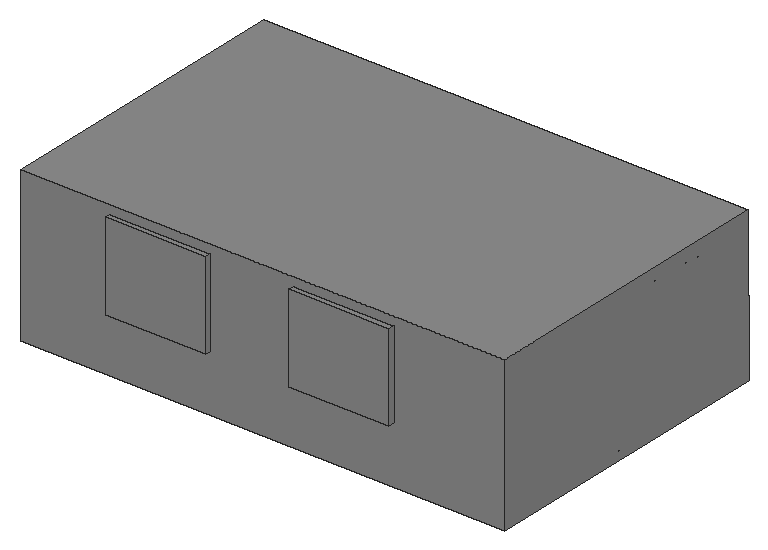
Revit family
Parameters (values of type "40RUS25")
  Width = 2' - 4 3/16"
  Voltage = 0 V
  Version = 1
  Unit Material = Paint - Carrier - American Sterling Gray
  UV-C Germicidal Lamp [instance] = no
  URL = "www.carrier.com"
  Type Comments = "20 Tons Chilled Water Coil Packed Air-Handling Unit"
  Return Air Intake Length = 6' - 10 3/4"
  Duct Width = 1' - 4 1/16"
  Duct Length = 1' - 6 3/8"
  Duct Height = 0' - 1"
  TXV Bulb Connection Size = 7/8"
  TXV Bulb Connection Radius = TXV Bulb Connection Size / 2  # 0' - 0 7/16"
  Suction Connection Size = 1 3/8"
  Suction Connection Radius = Suction Connection Size / 2  # 0' - 0 11/16"
  Subbase [instance] = no
  Steam Heating Coil [instance] = no
  Right Clearance = 2' - 6"
  Return Air Grille [instance] = no
  Programmable Thermostats [instance] = no
  Prepainted Units [instance] = no
  Overhead Suspension Package [instance] = no
  Model = "40RUS25"
  Manufacturer = "Carrier"  # constant formula
  MOCP = 0 A
  MCA = 0 A
  Liquid Connection Size = 1 3/8"
  Liquid Connection Radius = Liquid Connection Size / 2  # 0' - 0 11/16"
  Length = 7' - 5"
  Left Clearance = 2' - 6"
  Hot Water Heating Coils [instance] = no
  Height = 4' - 8 1/16"
  Bottom Return Air Intake Depth = 1' - 6 1/2"
  Bottom Clearance = 2' - 6"
  Fan Radius = 1' - 0"
  Electric Heat [instance] = no
  Economizer [instance] = no
  Drain Connection Size = 1 1/4"
  Drain Connection Radius = Drain Connection Size / 2  # 0' - 0 5/8"
  Disclaimer = "Manufacturer reserves the right to change, at any time, specifications and designs without notice and without obligation.  Please verify critical parameters with local Carrier commercial sales office."  # constant formula
  Discharge Plenum [instance] = no
  Condensate Drain Trap [instance] = no
  CO2 Sensors [instance] = no
  CFM Per Duct [instance] = 0 CFM
  CFM (nominal) = 0 CFM
  Top Clearance = 0' - 3"
  Back Return Air Intake Height = 1' - 5 1/4"
  Assembly Code = "D3050200"
  Alternate Fan Motors [instance] = no
  Alternate Drives [instance] = no
Types (7): name | Type Comments | Duct Width | Duct Length | Suction Connection Size | Suction Connection Radius | Model | Liquid Connection Size | Liquid Connection Radius
  (no name) | "20 Tons Chilled Water Coil Packed Air-Handling Unit" | 1' - 4 1/16" | 1' - 6 3/8" | 1 3/8" | 0' - 0 11/16" | "40RUS25" | 1 3/8" | 0' - 0 11/16"
  40RUA14 | "12.5 Tons DX Coil Packed Air-Handling Unit" | 1' - 4" | 1' - 6" | 1 1/8" | 0' - 0 9/16" | "40RUA14" | 5/8" | 0' - 0 5/16"
  40RUA16 | "15 Tons  DX Coil Packed Air-Handling Unit" | 1' - 4" | 1' - 6" | 1 1/8" | 0' - 0 9/16" | "40RUA16" | 5/8" | 0' - 0 5/16"
  40RUA25 | "20 Tons DX Coil Packed Air-Handling Unit" | 1' - 4" | 1' - 6" | 1 1/8" | 0' - 0 9/16" | "40RUA25" | 5/8" | 0' - 0 5/16"
  40RUS14 | "12.5 Tons Chilled Water Coil Packed Air-Handling Unit" | 1' - 4" | 1' - 6" | 1 3/8" | 0' - 0 11/16" | "40RUS14" | 1 3/8" | 0' - 0 11/16"
  40RUS25 | "20 Tons Chilled Water Coil Packed Air-Handling Unit" | 1' - 4 1/16" | 1' - 6 3/8" | 1 3/8" | 0' - 0 11/16" | "40RUS25" | 1 3/8" | 0' - 0 11/16"
  40RUS16 | "15 Tons Chilled Water Coil Packed Air-Handling Unit" | 1' - 4" | 1' - 6" | 1 3/8" | 0' - 0 11/16" | "40RUS16" | 1 3/8" | 0' - 0 11/16"
Reference planes (in)
  plane 1 "Center (Front/Back)": y = 0
  plane 2: z = 0
  plane 3 "Center (Left/Right)": x = 0
  plane 4 "Top Face of Unit": z = 28.1875
  plane 5 "Front Face of Unit": z = 0
  plane 6 "Left Face of Unit": x = -44.5
  plane 7 "Right Face of Unit": x = 44.5
  plane 8 "Top/Back Clearance Line": z = 31.1875
  plane 9 "Left Clearance Line": x = -74.5
  plane 10 "Right Clearance Line": x = 74.5
  plane 11 "Bottom/Front Clearance Line": z = -30
  plane 12 "Front Side of Unit": y = -28.03125
  plane 13 "Bottom of Unit": z = 0
  plane 14 "Left Duct Left Edge": x = -28
  plane 15 "Right Duct Right Edge": x = -9.625
  plane 16 "Duct Back Edge": z = 26.5625
  plane 17 "Duct Front Edge": z = 10.5
  plane 18 "Duct Face": y = -29.03125
  plane 19 "Side Connections Centerline": z = 26.1875
  plane 20 "Lower Suction Connection Centerline": y = 16.96875
  plane 21 "Lower Liquid Connection Centerline": y = 13.96875
  plane 22 "Upper Liquid Connection Centerline": y = 11.96875
  plane 23 "Upper Suction Connection Centerline": y = 8.96875
  plane 24 "TXV Bulb Connection": y = 6.84375
  plane 25 "Top Power Entry Centerline": y = -16.40625
  plane 26 "Lower Power Entry Centerline": y = -14.90625
  plane 27 "Drain Connection Centerline": y = 26.90625
  plane 28 "Drain Centerline - Horizontal": z = 24.4375
  plane 29 "Front Drain Centerline Vertical": z = 2
  plane 30 "Front Drain Centerline Horizontal": y = -1.03125
  plane 31 "Back Face of Unit": y = 28.03125
  plane 32: x = 5.75
  plane 33: x = 24.125
  plane 34 "Left Edge of Intake": x = -41.375
  plane 35 "Right Edge of Intake": x = 41.375
  plane 36 "Back Edge of Intake": y = 21.28125
  plane 37 "Front Edge of Intake": y = 2.78125
  plane 38 "Top Edge of Intake": z = 20.9375
  plane 39 "Bottom Edge of Intake": z = 3.6875
Forms (in)
  Extrusion 1, solid, material "Paint - Carrier - American Sterling Gray" <- "Unit Material"
    sketch origin (0, 28.03125, 14.09375) x (1, 0, 0) y (0, 0, 1)
      loop
        line (-44.5, -14.09375) -> (44.5, -14.09375) -> (44.5, 14.09375) -> (-44.5, 14.09375) -> (-44.5, -14.09375)
    from 0 to 56.0625
  Extrusion 2, solid, material "Paint - Carrier - American Sterling Gray" <- "Unit Material", detail levels medium+fine
    sketch origin (0, -28.03125, 0) x (-1, 0, 0) y (0, 0, -1)
      loop
        line (28, -10.5) -> (9.625, -10.5) -> (9.625, -26.5625) -> (28, -26.5625) -> (28, -10.5)
    from 0 to 1
  Extrusion 3, solid, material "Paint - Carrier - American Sterling Gray" <- "Unit Material", detail levels fine
    sketch origin (44.5, 28.03125, 14.09375) x (0, 0, 1) y (0, -1, 0)
      loop
        circle (12.09375, 44.4375) r 0.4375
    from 0 to -0.5
  Extrusion 4, solid, material "Paint - Carrier - American Sterling Gray" <- "Unit Material", detail levels fine
    sketch origin (44.5, 28.03125, 14.09375) x (0, 0, 1) y (0, -1, 0)
      loop
        circle (12.09375, 42.9375) r 0.4375
    from 0 to -0.5
  Extrusion 5, solid, material "Paint - Carrier - American Sterling Gray" <- "Unit Material", detail levels fine
    sketch origin (44.5, 28.03125, 14.09375) x (0, 0, 1) y (0, -1, 0)
      loop
        circle (12.09375, 21.1875) r 0.4375
    from 0 to -0.5
  Extrusion 6, solid, material "Paint - Carrier - American Sterling Gray" <- "Unit Material", detail levels fine
    sketch origin (44.5, 28.03125, 14.09375) x (0, 0, 1) y (0, -1, 0)
      loop
        circle (12.09375, 19.0625) r 0.875
    from 0 to -0.5
  Extrusion 7, solid, material "Paint - Carrier - American Sterling Gray" <- "Unit Material", detail levels fine
    sketch origin (44.5, 28.03125, 14.09375) x (0, 0, 1) y (0, -1, 0)
      loop
        circle (12.09375, 16.0625) r 0.5625
    from 0 to -0.5
  Extrusion 8, solid, material "Paint - Carrier - American Sterling Gray" <- "Unit Material", detail levels fine
    sketch origin (44.5, 28.03125, 14.09375) x (0, 0, 1) y (0, -1, 0)
      loop
        circle (12.09375, 14.0625) r 0.5625
    from 0 to -0.5
  Extrusion 9, solid, material "Paint - Carrier - American Sterling Gray" <- "Unit Material", detail levels fine
    sketch origin (44.5, 28.03125, 14.09375) x (0, 0, 1) y (0, -1, 0)
      loop
        circle (12.09375, 11.0625) r 0.875
    from 0 to -0.5
  Extrusion 10, solid, material "Paint - Carrier - American Sterling Gray" <- "Unit Material", detail levels fine
    sketch origin (44.5, 28.03125, 14.09375) x (0, 0, 1) y (0, -1, 0)
      loop
        circle (10.34375, 1.125) r 0.875
    from 0 to -0.5
  Extrusion 11, solid, material "Paint - Carrier - American Sterling Gray" <- "Unit Material", detail levels fine
    sketch origin (44.5, 28.03125, 14.09375) x (0, 0, 1) y (0, -1, 0)
      loop
        circle (-12.09375, 29.0625) r 0.875
    from 0 to -0.5
  Extrusion 12, solid, material "Paint - Carrier - American Sterling Gray" <- "Unit Material", detail levels medium+fine
    sketch origin (0, -28.03125, 0) x (-1, 0, 0) y (0, 0, -1)
      loop
        line (-5.75, -10.5) -> (-24.125, -10.5) -> (-24.125, -26.5625) -> (-5.75, -26.5625) -> (-5.75, -10.5)
    from 1 to 0
  Extrusion 13, solid, material "Paint - Carrier - American Sterling Gray" <- "Unit Material", detail levels medium+fine
    sketch origin (0, 0, 0) x (-1, 0, 0) y (0, -1, 0)
      loop
        line (41.375, -2.78125) -> (-41.375, -2.78125) -> (-41.375, -21.28125) -> (41.375, -21.28125) -> (41.375, -2.78125)
    from 0 to 0.5
  Extrusion 14, solid, material "Paint - Carrier - American Sterling Gray" <- "Unit Material", detail levels medium+fine
    sketch origin (0, 28.03125, 0) x (0, 0, 1) y (1, 0, 0)
      loop
        line (3.6875, -41.375) -> (20.9375, -41.375) -> (20.9375, 41.375) -> (3.6875, 41.375) -> (3.6875, -41.375)
    from 0 to -0.5
Lines and regions (in)
  symbolic lines, style "Clearance Zones", detail levels fine
    curve 1: line (-74.5, -29.03125, 0) -> (74.5, -29.03125, 0)
    curve 2: line (-74.5, 28.03125, 0) -> (-74.5, -29.03125, 0)
    curve 3: line (74.5, 28.03125, 0) -> (-74.5, 28.03125, 0)
    curve 4: line (74.5, -29.03125, 0) -> (74.5, 28.03125, 0)
  model lines, detail levels medium+fine
    curve 5: line (-42, 24.53125, 0) -> (42, 24.53125, 0)
    curve 6: line (-42, 1.25, 0) -> (-42, 24.53125, 0)
    curve 7: line (42, 1.25, 0) -> (-42, 1.25, 0)
    curve 8: line (42, 24.53125, 0) -> (42, 1.25, 0)
    curve 9: line (-42, -1.25, 0) -> (42, -1.25, 0)
    curve 10: line (-42, -25.53125, 0) -> (-42, -1.25, 0)
    curve 11: line (42, -25.53125, 0) -> (-42, -25.53125, 0)
    curve 12: line (42, -1.25, 0) -> (42, -25.53125, 0)
    curve 13: line (-44.5, 24.53125, 24.1875) -> (-44.5, 24.53125, 4)
    curve 14: line (-44.5, -25.53125, 4) -> (-44.5, -25.53125, 24.1875)
    curve 15: line (-44.5, 24.53125, 4) -> (-44.5, -25.53125, 4)
    curve 16: line (44.5, 24.53125, 4) -> (44.5, 24.53125, 24.1875)
    curve 17: line (44.5, -25.53125, 4) -> (44.5, 24.53125, 4)
    curve 18: line (44.5, -25.53125, 24.1875) -> (44.5, -25.53125, 4)
    curve 19: line (44.5, 24.53125, 24.1875) -> (44.5, -25.53125, 24.1875)
  model lines
    curve 20: line (-44.5, 24.53125, 24.1875) -> (-44.5, -25.53125, 24.1875)
Dimensions and locks (in)
  equal spacing: plane 6 "Left Face of Unit", plane 3 "Center (Left/Right)", plane 7 "Right Face of Unit"
  "Length": plane 6 "Left Face of Unit" to plane 7 "Right Face of Unit"
  "Left Clearance": plane 9 "Left Clearance Line" to plane 6 "Left Face of Unit"
  "Right Clearance": plane 7 "Right Face of Unit" to plane 10 "Right Clearance Line"
  locked: plane 6 "Left Face of Unit" to plane 14 "Left Duct Left Edge" at 16.5
  "Duct Length": plane 14 "Left Duct Left Edge" to plane 15 "Right Duct Right Edge"
  locked: curve 10 to plane 6 "Left Face of Unit" at 2.5
  locked: plane 7 "Right Face of Unit" to curve 12 at 2.5
  locked: plane 12 "Front Side of Unit" to curve 11 at 2.5
  locked: curve 11 to curve 9 at 24.28125
  locked: curve 9 to curve 7 at 2.5
  curve 15 to plane 5 "Front Face of Unit" = 0' - 4"
  plane 12 "Front Side of Unit" to curve 14 = 0' - 2 1/2"
  locked: plane 19 "Side Connections Centerline" to plane 4 "Top Face of Unit" at 2
  locked: plane 28 "Drain Centerline - Horizontal" to plane 4 "Top Face of Unit" at 3.75
  locked: plane 5 "Front Face of Unit" to plane 29 "Front Drain Centerline Vertical" at 2
  locked: curve 20 to plane 4 "Top Face of Unit" at 4
  locked: plane 31 "Back Face of Unit" to curve 13 at 3.5
  "Width": plane 4 "Top Face of Unit" to plane 13 "Bottom of Unit"
  locked: plane 27 "Drain Connection Centerline" to plane 31 "Back Face of Unit" at 1.125
  locked: plane 20 "Lower Suction Connection Centerline" to plane 31 "Back Face of Unit" at 11.0625
  locked: plane 21 "Lower Liquid Connection Centerline" to plane 31 "Back Face of Unit" at 14.0625
  locked: plane 22 "Upper Liquid Connection Centerline" to plane 31 "Back Face of Unit" at 16.0625
  locked: plane 23 "Upper Suction Connection Centerline" to plane 31 "Back Face of Unit" at 19.0625
  locked: plane 24 "TXV Bulb Connection" to plane 31 "Back Face of Unit" at 21.1875
  locked: plane 26 "Lower Power Entry Centerline" to plane 31 "Back Face of Unit" at 42.9375
  locked: plane 25 "Top Power Entry Centerline" to plane 31 "Back Face of Unit" at 44.4375
  locked: plane 30 "Front Drain Centerline Horizontal" to plane 31 "Back Face of Unit" at 29.0625
  plane 4 "Top Face of Unit" to plane 16 "Duct Back Edge" = 0' - 1 5/8"
  "Duct Width": plane 16 "Duct Back Edge" to plane 17 "Duct Front Edge"
  locked: plane 15 "Right Duct Right Edge" to plane 32 at 15.375
  "Duct Length": plane 32 to plane 33
  locked: curve 5 to plane 31 "Back Face of Unit" at 3.5
  locked: plane 6 "Left Face of Unit" to plane 34 "Left Edge of Intake" at 3.125
  "Return Air Intake Length": plane 34 "Left Edge of Intake" to plane 35 "Right Edge of Intake"
  locked: plane 31 "Back Face of Unit" to plane 36 "Back Edge of Intake" at 6.75
  "Bottom Return Air Intake Depth": plane 36 "Back Edge of Intake" to plane 37 "Front Edge of Intake"
  locked: Extrusion 13 to plane 13 "Bottom of Unit" at 0.5
  locked: plane 39 "Bottom Edge of Intake" to plane 13 "Bottom of Unit" at 3.6875
  "Back Return Air Intake Height": plane 38 "Top Edge of Intake" to plane 39 "Bottom Edge of Intake"
  locked: plane 31 "Back Face of Unit" to Extrusion 14 at 0.5
  radius of Extrusion 3 sketch curve = 0' - 0 7/16"
  radius of Extrusion 4 sketch curve = 0' - 0 7/16"
  radius of Extrusion 5 sketch curve = 0' - 0 7/16"
  radius of Extrusion 6 sketch curve = 0' - 0 7/8"
  radius of Extrusion 7 sketch curve = 0' - 0 9/16"
  radius of Extrusion 8 sketch curve = 0' - 0 9/16"
  radius of Extrusion 9 sketch curve = 0' - 0 7/8"
  radius of Extrusion 10 sketch curve = 0' - 0 7/8"
  radius of Extrusion 11 sketch curve = 0' - 0 7/8"
  aligned and locked: level to plane 2
  aligned and locked: plane 10 "Right Clearance Line" to curve 4
  aligned and locked: curve 2 to plane 9 "Left Clearance Line"
  aligned and locked: level to plane 13 "Bottom of Unit"
  aligned and locked: plane 4 "Top Face of Unit" to Extrusion 1 sketch curve
  aligned and locked: Extrusion 1 sketch curve to plane 6 "Left Face of Unit"
  aligned and locked: plane 7 "Right Face of Unit" to Extrusion 1
  aligned and locked: plane 5 "Front Face of Unit" to Extrusion 1
  aligned and locked: Extrusion 1 to plane 12 "Front Side of Unit"
  aligned: Extrusion 1 to plane 13 "Bottom of Unit"
  aligned and locked: plane 16 "Duct Back Edge" to Extrusion 2 sketch curve
  aligned and locked: plane 15 "Right Duct Right Edge" to Extrusion 2 sketch curve
  aligned and locked: Extrusion 2 sketch curve to plane 14 "Left Duct Left Edge"
  aligned and locked: Extrusion 2 sketch curve to plane 17 "Duct Front Edge"
  aligned and locked: Extrusion 2 to plane 12 "Front Side of Unit"
  aligned and locked: Extrusion 2 to plane 18 "Duct Face"
  aligned and locked: curve 10 to curve 6
  aligned and locked: curve 8 to curve 12
  aligned and locked: curve 14 to curve 18
  aligned and locked: curve 15 to curve 17
  aligned and locked: curve 13 to curve 16
  aligned and locked: plane 19 "Side Connections Centerline" to Extrusion 3 sketch curve
  aligned and locked: plane 25 "Top Power Entry Centerline" to Extrusion 3 sketch curve
  aligned and locked: plane 7 "Right Face of Unit" to Extrusion 3
  aligned and locked: plane 19 "Side Connections Centerline" to Extrusion 4 sketch curve
  aligned and locked: plane 26 "Lower Power Entry Centerline" to Extrusion 4 sketch curve
  aligned and locked: plane 19 "Side Connections Centerline" to Extrusion 5 sketch curve
  aligned and locked: plane 24 "TXV Bulb Connection" to Extrusion 5 sketch curve
  aligned and locked: plane 23 "Upper Suction Connection Centerline" to Extrusion 6 sketch curve
  aligned and locked: plane 19 "Side Connections Centerline" to Extrusion 6 sketch curve
  aligned and locked: plane 19 "Side Connections Centerline" to Extrusion 7 sketch curve
  aligned and locked: plane 22 "Upper Liquid Connection Centerline" to Extrusion 7 sketch curve
  aligned and locked: plane 19 "Side Connections Centerline" to Extrusion 8 sketch curve
  aligned and locked: plane 21 "Lower Liquid Connection Centerline" to Extrusion 8 sketch curve
  aligned and locked: plane 19 "Side Connections Centerline" to Extrusion 9 sketch curve
  aligned and locked: plane 20 "Lower Suction Connection Centerline" to Extrusion 9 sketch curve
  aligned and locked: plane 28 "Drain Centerline - Horizontal" to Extrusion 10 sketch curve
  aligned and locked: plane 27 "Drain Connection Centerline" to Extrusion 10 sketch curve
  aligned and locked: plane 7 "Right Face of Unit" to Extrusion 10
  aligned and locked: plane 7 "Right Face of Unit" to Extrusion 9
  aligned and locked: plane 7 "Right Face of Unit" to Extrusion 8
  aligned and locked: plane 7 "Right Face of Unit" to Extrusion 7
  aligned and locked: plane 7 "Right Face of Unit" to Extrusion 6
  aligned and locked: plane 7 "Right Face of Unit" to Extrusion 5
  aligned and locked: plane 7 "Right Face of Unit" to Extrusion 4
  aligned and locked: plane 29 "Front Drain Centerline Vertical" to Extrusion 11 sketch curve
  aligned and locked: plane 30 "Front Drain Centerline Horizontal" to Extrusion 11 sketch curve
  aligned and locked: plane 7 "Right Face of Unit" to Extrusion 11
  aligned and locked: curve 20 to curve 19
  aligned and locked: plane 31 "Back Face of Unit" to Extrusion 1
  aligned and locked: plane 16 "Duct Back Edge" to Extrusion 12 sketch curve
  aligned and locked: Extrusion 12 sketch curve to plane 32
  aligned and locked: plane 33 to Extrusion 12 sketch curve
  aligned and locked: Extrusion 12 sketch curve to plane 17 "Duct Front Edge"
  aligned and locked: plane 18 "Duct Face" to Extrusion 12
  aligned and locked: Extrusion 12 to plane 12 "Front Side of Unit"
  aligned and locked: plane 31 "Back Face of Unit" to curve 3
  aligned and locked: plane 18 "Duct Face" to curve 1
  aligned and locked: plane 35 "Right Edge of Intake" to Extrusion 13 sketch curve
  aligned and locked: Extrusion 13 sketch curve to plane 34 "Left Edge of Intake"
  aligned and locked: plane 36 "Back Edge of Intake" to Extrusion 13 sketch curve
  aligned and locked: Extrusion 13 sketch curve to plane 37 "Front Edge of Intake"
  aligned and locked: Extrusion 13 to plane 13 "Bottom of Unit"
  aligned and locked: plane 38 "Top Edge of Intake" to Extrusion 14 sketch curve
  aligned and locked: Extrusion 14 sketch curve to plane 39 "Bottom Edge of Intake"
  aligned and locked: Extrusion 14 sketch curve to plane 34 "Left Edge of Intake"
  aligned and locked: plane 35 "Right Edge of Intake" to Extrusion 14 sketch curve
  aligned and locked: plane 31 "Back Face of Unit" to Extrusion 14
Automatic sketch dimensions
  Extrusion 1 sketch curve to plane 7 "Right Face of Unit" = 0' - 0"
  Extrusion 1 sketch curve to level = 0' - 0"
Connectors (in)
  hvac at (-18.8125, -29.03125, 18.53125), driven by "Duct Length", driven by "Duct Width", driven by "CFM Per Duct"
    settings: on Extrusion 2, index 1, duct flow 0 CFM, flow factor 0, pres drop 0.00 in-wg, loss coef 0, conn angle 0.00°, conn width 18 3/8", conn height 16 1/16", conn radius 12", duct sys type 1, conn prof type 1, flow config 0, flow direction 2, loss method 0, conn ref index -1, conn util no, is conn primary yes, conn desc "Left Supply Air"
  piping at (44.5, 16.96875, 26.1875), driven by "Suction Connection Radius"
    settings: on Extrusion 9, index 3, connector radius 11/16", flow factor 0, pipe flow 0 GPM, pressure drop 0.00 psi, fitting loss kfactor 0, connector angle 0.00°, fixture units 0, flow configuration 1, flow direction 2, fitting loss method 0, system type 22, connector reference index -1, connector utility 0, adjustable connector no, is connector primary yes, fitting loss table "", connector description "Lower Suction Connection"
  piping at (44.5, 13.96875, 26.1875), driven by "Liquid Connection Radius"
    settings: on Extrusion 8, index 4, connector radius 11/16", flow factor 0, pipe flow 0 GPM, pressure drop 0.00 psi, fitting loss kfactor 0, connector angle 0.00°, fixture units 0, flow configuration 1, flow direction 1, fitting loss method 0, system type 22, connector reference index -1, connector utility 0, adjustable connector no, is connector primary no, fitting loss table "", connector description "Lower Liquid Connection"
  piping at (44.5, 11.96875, 26.1875), driven by "Liquid Connection Radius"
    settings: on Extrusion 7, index 5, connector radius 11/16", flow factor 0, pipe flow 0 GPM, pressure drop 0.00 psi, fitting loss kfactor 0, connector angle 0.00°, fixture units 0, flow configuration 1, flow direction 1, fitting loss method 0, system type 22, connector reference index -1, connector utility 0, adjustable connector no, is connector primary no, fitting loss table "", connector description "Upper Liquid Connection"
  piping at (44.5, 8.96875, 26.1875), driven by "Suction Connection Radius"
    settings: on Extrusion 6, index 6, connector radius 11/16", flow factor 0, pipe flow 0 GPM, pressure drop 0.00 psi, fitting loss kfactor 0, connector angle 0.00°, fixture units 0, flow configuration 1, flow direction 2, fitting loss method 0, system type 22, connector reference index -1, connector utility 0, adjustable connector no, is connector primary no, fitting loss table "", connector description "Upper Suction Connection"
  piping at (44.5, 6.84375, 26.1875), driven by "TXV Bulb Connection Radius"
    settings: on Extrusion 5, index 7, connector radius 7/16", flow factor 0, pipe flow 0 GPM, pressure drop 0.00 psi, fitting loss kfactor 0, connector angle 0.00°, fixture units 0, flow configuration 1, flow direction 1, fitting loss method 0, system type 22, connector reference index -1, connector utility 0, adjustable connector no, is connector primary no, fitting loss table "", connector description "TXV Bulb"
  electrical at (44.5, -16.40625, 26.1875)
    settings: on Extrusion 3, index 8, voltage 0 V, apparent load 0 VA, apparent load phase1 0 VA, apparent load phase2 0 VA, apparent load phase3 0 VA, power factor 1, load classification "Power", number of poles 3, system type 30, power factor state 1, is connector primary yes, connector utility no, sub classification motor no, connector description "Power Supply"
  electrical at (44.5, -14.90625, 26.1875)
    settings: on Extrusion 4, index 9, voltage 0 V, apparent load 0 VA, apparent load phase1 0 VA, apparent load phase2 0 VA, apparent load phase3 0 VA, power factor 1, load classification "Motor", number of poles 3, system type 30, power factor state 1, is connector primary no, connector utility no, sub classification motor no, connector description "Optional Fan Motor"
  piping at (44.5, -1.03125, 2), driven by "Drain Connection Radius"
    settings: on Extrusion 11, index 10, connector radius 5/8", flow factor 0, pipe flow 0 GPM, pressure drop 0.00 psi, fitting loss kfactor 0, connector angle 0.00°, fixture units 0, flow configuration 1, flow direction 2, fitting loss method 0, system type 16, connector reference index -1, connector utility 0, adjustable connector no, is connector primary no, fitting loss table "", connector description "Front Drain"
  hvac at (14.9375, -29.03125, 18.53125), driven by "Duct Length", driven by "Duct Width", driven by "CFM Per Duct"
    settings: on Extrusion 12, index 11, duct flow 0 CFM, flow factor 0, pres drop 0.00 in-wg, loss coef 0, conn angle 0.00°, conn width 18 3/8", conn height 16 1/16", conn radius 12", duct sys type 1, conn prof type 1, flow config 0, flow direction 2, loss method 0, conn ref index -1, conn util no, is conn primary no, conn desc "Right Supply Air"
  hvac at (0, 12.03125, 0), driven by "Return Air Intake Length", driven by "Bottom Return Air Intake Depth"
    settings: on Extrusion 13, index 12, duct flow 0 CFM, flow factor 0, pres drop 0.00 in-wg, loss coef 0, conn angle 0.00°, conn width 82 3/4", conn height 18 1/2", conn radius 12", duct sys type 2, conn prof type 1, flow config 0, flow direction 1, loss method 0, conn ref index -1, conn util no, is conn primary no, conn desc "Bottom Return Air Intake"
  hvac at (0, 28.03125, 12.3125), driven by "Back Return Air Intake Height", driven by "Return Air Intake Length"
    settings: on Extrusion 14, index 13, duct flow 0 CFM, flow factor 0, pres drop 0.00 in-wg, loss coef 0, conn angle 0.00°, conn width 82 3/4", conn height 17 1/4", conn radius 12", duct sys type 2, conn prof type 1, flow config 0, flow direction 1, loss method 0, conn ref index -1, conn util no, is conn primary no, conn desc "Back Return Air Intake"
